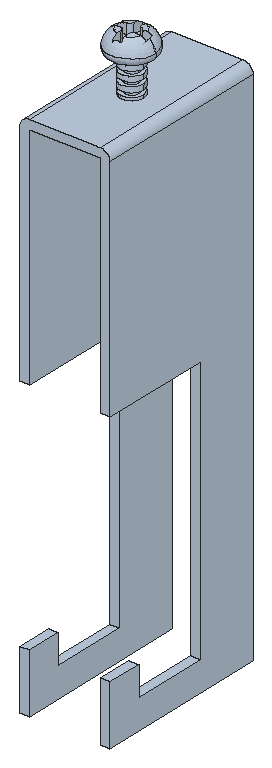
Revit family "CXA", category 機械設備, Revit 2020
Family settings
  丸型コネクタ寸法 = 直径を使用
  パーツ タイプ = 標準
  OmniClass 番号 = 23.75.00.00
  OmniClass タイトル = Climate Control (HVAC)
  作業面ベース = いいえ
  常に垂直 = はい
  ロード時にボイドで切り取り = いいえ
  共有 = はい
  部屋計算ポイント = いいえ
Parameters (values of type "CｸﾛｽA")
  ﾋﾞｽ ﾏﾃﾘｱﾙ = 電気亜鉛メッキ
  製造元 = "株式会社サンユー"
  既定の高さ = 0 mm
  URL = "http://www.3you.co.jp"
  CｸﾛｽA ﾏﾃﾘｱﾙ = 溶融亜鉛メッキ
Reference planes
  plane 1 "中心(正面/背面)": y = 0
  plane 2: z = 0
  plane 3 "中心(左/右)": x = 0
  plane 4: z = 83.4
  plane 5: y = 17.5
  plane 6: z = -5
  plane 7: y = -12.5
  plane 8: z = 45
  plane 9: z = 5
  plane 10: y = -6.5
  plane 11: z = 85
  plane 12: z = 76
  plane 13: x = -15
  plane 14: x = 15
Forms (mm)
  Extrusion 1, solid, material "溶融亜鉛メッキ" <- "CｸﾛｽA ﾏﾃﾘｱﾙ"
    sketch origin (0, 6.5, 0) x (0, 1, 0) y (0, 0, 1)
      loop
        line (-19, 83.4) -> (-19, 45) -> (0, 45) -> (0, 0) -> (-13, 0) -> (-13, 5) -> (-19, 5) -> (-19, -5) -> (11, -5) -> (11, 83.4) -> (-19, 83.4)
    from 6 to 7.6
  Extrusion 2, solid, material "溶融亜鉛メッキ" <- "CｸﾛｽA ﾏﾃﾘｱﾙ"
    sketch origin (0, 6.5, 0) x (0, 1, 0) y (0, 0, -1)
      loop
        line (-19, -83.4) -> (11, -83.4) -> (11, 5) -> (-19, 5) -> (-19, -5) -> (-13, -5) -> (-13, 0) -> (0, 0) -> (0, -45) -> (-19, -45) -> (-19, -83.4)
    from 6 to 7.6
  Extrusion 3, solid, material "溶融亜鉛メッキ" <- "CｸﾛｽA ﾏﾃﾘｱﾙ"
    sketch origin (0, 6.5, 0) x (1, 0, 0) y (0, 0, 1)
      loop
        line (-7.6, 83.4) -> (7.6, 83.4)
        arc (7.6, 83.4) -> (7.131, 84.531) -> (6, 85) r 1.6
        line (6, 85) -> (-6, 85)
        arc (-6, 85) -> (-7.131, 84.531) -> (-7.6, 83.4) r 1.6
    from -11 to 19
  Extrusion 4, void
    sketch origin (0, 0, 0) x (1, 0, 0) y (0, 1, 0)
      loop
        circle (0, 1.5) r 2
    from 83.4 to 85
Cuts and joins
  Extrusion 4 cuts Extrusion 1
  Extrusion 4 cuts Extrusion 2
  Extrusion 4 cuts Extrusion 3
  joined: Extrusion 1, Extrusion 2, Extrusion 3
Dimensions and locks
  aligned and locked: level to plane 2
  aligned and locked: nested 1 to plane 12
Nested families
  nested 1: "固定ﾋﾞｽ" at (0, 1.5, 91), ﾋﾞｽ　ﾏﾃﾘｱﾙ <- "ﾋﾞｽ ﾏﾃﾘｱﾙ", type "4x15"
    with ﾋﾞｽ　ﾏﾃﾘｱﾙ 電気亜鉛メッキ
Definition of nested family "固定ﾋﾞｽ"
  Parameters (values of type "4x15")
    ﾋﾞｽ　ﾏﾃﾘｱﾙ [instance] = none
    頭 = 4 mm
    Default Elevation = 0 mm
    ねじ山 = L / 1.6 mm - 1  # 8
    Rビス = 1.2 mm
    L = 15 mm
  Reference planes
    plane 1 "中心(正面/背面)": y = 0
    plane 2: z = 0
    plane 3 "中心(左/右)": x = 0
    plane 4: z = -15
    plane 5: x = -4
    plane 6: y = 0
    plane 7: z = -0.8
    plane 8: x = -3
    plane 9: y = 3
    plane 10: y = -3
    plane 11: x = 3
    plane 12: x = -1
    plane 13: x = -0.69
    plane 14: x = 0.69
    plane 15: y = -0.69
    plane 16: y = 0.69
    plane 17: y = 1
    plane 18: x = 1
    plane 19: y = -1
  Forms (mm)
    Revolve 1, solid, material <- "ﾋﾞｽ　ﾏﾃﾘｱﾙ"
      sketch origin (0, 0, 1.042) x (1, 0, 0) y (0, 0, -1)
        loop
          line (0, -2.755) -> (0, 1.042) -> (-2.93, 1.042)
          arc (-2.93, 1.042) -> (-3.786, 0.631) -> (-4, -0.295) r 1.097
          arc (-4, -0.295) -> (-3.417, -1.648) -> (-2.296, -2.605) r 3.252
          arc (-2.296, -2.605) -> (-1.15, -2.709) -> (0, -2.755) r 23.322
        axis (0, -2.755) -> (0, 1.042)
      angle from 0 to 360
    Extrusion 2, void
      sketch origin (0, 0, 0) x (1, 0, 0) y (0, 1, 0)
        loop
          line (-3, 0.69) -> (-3, -0.69) -> (-1.38, -0.69)
          arc (-1.38, -0.69) -> (-0.892, -0.892) -> (-0.69, -1.38) r 0.69
          line (-0.69, -1.38) -> (-0.69, -3) -> (0.69, -3) -> (0.69, -1.38)
          arc (0.69, -1.38) -> (0.892, -0.892) -> (1.38, -0.69) r 0.69
          line (1.38, -0.69) -> (3, -0.69) -> (3, 0.69) -> (1.38, 0.69)
          arc (1.38, 0.69) -> (0.892, 0.892) -> (0.69, 1.38) r 0.69
          line (0.69, 1.38) -> (0.69, 3) -> (-0.69, 3) -> (-0.69, 1.38)
          arc (-0.69, 1.38) -> (-0.892, 0.892) -> (-1.38, 0.69) r 0.69
          line (-1.38, 0.69) -> (-3, 0.69)
      from 2 to 5
    Extrusion 3, solid, material <- "ﾋﾞｽ　ﾏﾃﾘｱﾙ"
      sketch origin (0, 0, 0) x (1, 0, 0) y (0, 1, 0)
        loop
          circle (0, 0) r 1.2
      from 0 to -15
  Cuts and joins
    Extrusion 2 cuts Revolve 1
    joined: Revolve 1, Extrusion 3
  Dimensions and locks
    "頭": plane 5 to plane 3 "中心(左/右)"
    "L": level to plane 4
    locked: plane 2 to plane 7 at 0.8
    equal spacing: group 1, group 2, group 3, group 4, group 5, group 6, group 7, group 8  (x2)
    equal spacing: group 8, group 7, group 6, group 5, group 4, group 3, group 2, group 1
    aligned and locked: level to plane 2
    aligned and locked: nested 1 to plane 7
    aligned and locked: plane 4 to Extrusion 3
  Automatic sketch dimensions
    Revolve 1 sketch curve to plane 5 = 0 mm  (x2)
    Revolve 1 sketch curve to level = 0 mm  (x2)
    Revolve 1 sketch curve to plane 3 "中心(左/右)" = 0 mm  (x2)
    Revolve 1 sketch curve to plane 3 "中心(左/右)" = 0.8 mm
    plane 3 "中心(左/右)" to Revolve 1 sketch curve = 0.368 mm
    level to Revolve 1 sketch curve = 0.761 mm
    plane 4 to Revolve 1 sketch curve = 4.521 mm
    Revolve 1 sketch curve to Revolve 1 sketch curve = 0 mm
    level to Revolve 1 sketch curve = 1.097 mm
    Revolve 1 sketch curve to Revolve 1 sketch curve = 3.037 mm
    Extrusion 2 sketch curve to plane 8 = 0 mm
    Extrusion 2 sketch curve to plane 14 = 0 mm  (x2)
    plane 10 to Extrusion 2 sketch curve = 0 mm
    Extrusion 2 sketch curve to plane 15 = 0 mm  (x2)
    Extrusion 2 sketch curve to plane 11 = 0 mm
    Extrusion 2 sketch curve to plane 19 = 0.38 mm  (x2)
    Extrusion 2 sketch curve to plane 9 = 0 mm
    Extrusion 2 sketch curve to plane 13 = 0 mm  (x2)
    plane 17 to Extrusion 2 sketch curve = 0.38 mm  (x2)
    Extrusion 2 sketch curve to plane 16 = 0 mm  (x2)
    plane 1 "中心(正面/背面)" to Extrusion 3 sketch curve = 0 mm
    Extrusion 3 sketch curve to plane 3 "中心(左/右)" = 0 mm
    radius of Extrusion 3 sketch curve = 1.2 mm
  Nested families
    nested 1: "ねじ山" at (0, 0, -1.6), type "ねじ山"
    nested 2: "ねじ山" at (0, 0, -3.2), type "ねじ山"
    nested 3: "ねじ山" at (0, 0, -4.8), type "ねじ山"
    nested 4: "ねじ山" at (0, 0, -6.4), type "ねじ山"
    nested 5: "ねじ山" at (0, 0, -8), type "ねじ山"
    nested 6: "ねじ山" at (0, 0, -9.6), type "ねじ山"
    nested 7: "ねじ山" at (0, 0, -11.2), type "ねじ山"
    nested 8: "ねじ山" at (0, 0, -12.8), type "ねじ山"
  Definition of nested family "ねじ山"
    Parameters (values of type "ねじ山")
      ねじ山　ﾏﾃﾘｱﾙ = none
      Default Elevation = 0 mm
      外半径 = 内半径 + 0.8 mm  # 2.9 mm
      内半径 = 2.1 mm
    Reference planes
      plane 1 "中心(正面/背面)": y = 0
      plane 2: z = 0
      plane 3 "中心(左/右)": x = 0
    Forms (mm)
      Extrusion 1, solid, material <- "ねじ山　ﾏﾃﾘｱﾙ"
        sketch origin (0, 0, 0) x (1, 0, 0) y (0, 1, 0)
          loop
            circle (0, 0) r 2.1
          loop
            circle (0, 0) r 2.9
        from 0 to 0.8
    Dimensions and locks
      "内半径": radius of Extrusion 1 sketch curve
      "外半径": radius of Extrusion 1 sketch curve
      aligned and locked: level to plane 2
    Automatic sketch dimensions
      Extrusion 1 sketch curve to Extrusion 1 sketch curve = 0 mm  (x2)
      plane 1 "中心(正面/背面)" to Extrusion 1 sketch curve = 0 mm
      Extrusion 1 sketch curve to plane 3 "中心(左/右)" = 0 mm
